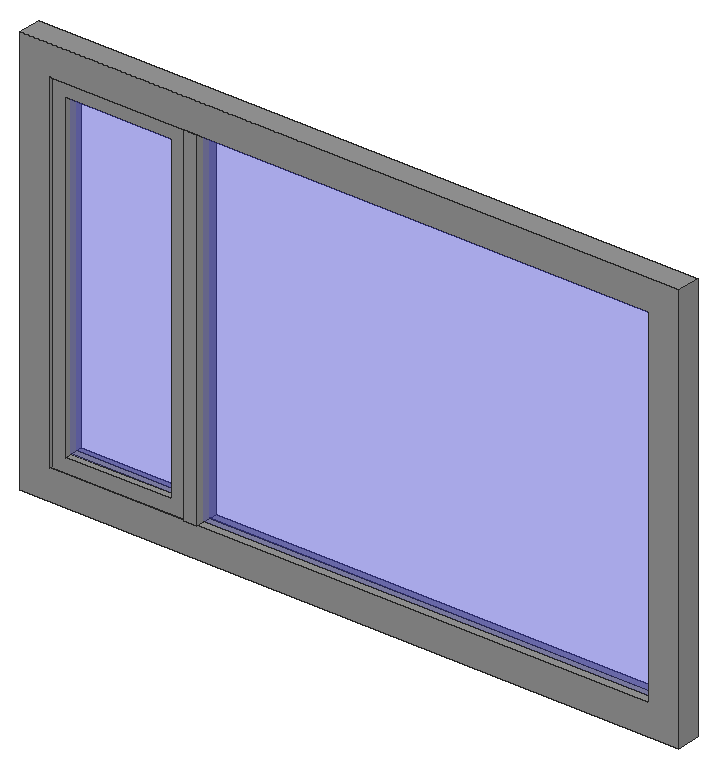
Revit family "Family36", category Windows, host Wall, Revit 2018
Family settings
  Host = Wall
  OmniClass Number = 23.30.20.00
  OmniClass Title = Windows
  Always vertical = Yes
  Cut with Voids When Loaded = No
  Shared = No
  Room Calculation Point = No
Parameters
  Window Frame = White
  Visual Light Transmittance = 0.81
  URL = "www.skywardwindows.co.za"
  Thermal Resistance (R) = 0.3196 (m²·K)/W
  Telephone = "021 276 1800"
  Solar Heat Gain Coefficient = 0.76
  Manufacturer = "Skyward Windows"
  Height = 1490 mm
  Heat Transfer Coefficient (U) = 3.1292 W/(m²·K)
  Glass Thickness = 4 mm
  Glass = Glass
  Frame Width = 46.195 mm
  Email Address = "info@skywardwindows.co.za"
  Default Sill Height = 800 mm
  Wall Closure = By host
  Width = 2390 mm
  Company Address = "Charles Matthews Street Atlantis 7349"
  Analytic Construction = "Double glazing - domestic"
Reference planes
  plane 1 "Center (Front/Back)": y = 0
  plane 2 "Center (Left/Right)": x = 0
  plane 3 "Left": x = -1195
  plane 4 "Right": x = 1195
  plane 5 "Sill": z = 800
  plane 6 "Head": z = 2290
  plane 7 "Exterior": y = 100
  plane 8 "Interior": y = -100
Forms (mm)
  Extrusion 1, solid, material "White" <- "Window Frame"
    sketch origin (0, -100, 0) x (1, 0, 0) y (0, 0, 1)
      loop
        line (-1195, 2290) -> (-1195, 800) -> (1195, 800) -> (1195, 2290) -> (-1195, 2290)
      loop
        line (-1086, 909) -> (1086, 909) -> (1086, 2181) -> (-1086, 2181) -> (-1086, 909)
    from -142 to -58
  Extrusion 2, solid, material "White" <- "Window Frame"
    sketch origin (-1686, -100, 0) x (1, 0, 0) y (0, 0, 1)
      loop
        line (600, 2181) -> (600, 909) -> (1086, 909) -> (1086, 2181) -> (600, 2181)
      loop
        line (650, 2131) -> (650, 959) -> (1036, 959) -> (1036, 2131) -> (650, 2131)
    from -134.904 to -64.489
  Extrusion 3, solid, material "White" <- "Window Frame"
    sketch origin (-853.805, -100, 0) x (1, 0, 0) y (0, 0, 1)
      loop
        line (300, 2181) -> (253.805, 2181) -> (253.805, 909) -> (300, 909) -> (300, 2181)
    from -142 to -58
  Extrusion 4, solid, material "Glass" <- "Glass"
    sketch origin (532.195, 0, 0) x (1, 0, 0) y (0, 1, 0)
      loop
        line (-1086, 14) -> (-1086, 10) -> (553.805, 10) -> (553.805, 14) -> (-1086, 14)
      loop
        line (553.805, -14) -> (553.805, -10) -> (-1086, -10) -> (-1086, -14) -> (553.805, -14)
    from 909 to 2181
  Extrusion 5, solid, material "Glass" <- "Glass"
    sketch origin (-1686, 0, 0) x (1, 0, 0) y (0, 1, 0)
      loop
        line (650, 14) -> (650, 10) -> (1036, 10) -> (1036, 14) -> (650, 14)
      loop
        line (1036, -14) -> (1036, -10) -> (650, -10) -> (650, -14) -> (1036, -14)
    from 959 to 2131
Lines and regions (mm)
  Opening 1
    outline origin (3500, -100, 0) x (1, 0, 0) y (0, 0, 1)
      loop
        line (-2305, 800) -> (-2305, 2290) -> (-4695, 2290) -> (-4695, 800) -> (-2305, 800)
Text (mm)
  text "EXTERIOR" at (-1963.203, 1332.353, 0), in view "Ref. Level"
  text "INTERIOR" at (-1981.466, -818.386, 0), in view "Ref. Level"
  text "Exterior" at (0, 923.751, 2943.296), in view "Right"
  text "Exterior" at (0, 1040.484, 2685.409), in view "Left"
Dimensions and locks
  equal spacing: plane 3 "Left", plane 2 "Center (Left/Right)", plane 4 "Right"
  "Width": plane 3 "Left" to plane 4 "Right"
  "Height": plane 5 "Sill" to plane 6 "Head"
  "Default Sill Height": plane 5 "Sill" to level
  locked: plane 7 "Exterior" to host wall at 0
  locked: plane 8 "Interior" to host wall
  "Glass Thickness": Extrusion 4 to Extrusion 4
  "Glass Thickness": Extrusion 5 to Extrusion 5
  aligned and locked: Extrusion 1 sketch curve to host wall  (x4)
Automatic sketch dimensions
  Opening 1 sketch curve to plane 3 "Left" = 0 mm
  Opening 1 sketch curve to plane 4 "Right" = 0 mm
  Opening 1 sketch curve to plane 5 "Sill" = 0 mm
  Opening 1 sketch curve to plane 6 "Head" = 0 mm
  Extrusion 1 sketch curve to plane 3 "Left" = 109 mm
  plane 4 "Right" to Extrusion 1 sketch curve = 109 mm
  Extrusion 1 sketch curve to plane 5 "Sill" = 109 mm
  plane 6 "Head" to Extrusion 1 sketch curve = 109 mm
  Extrusion 2 sketch curve to plane 5 "Sill" = 109 mm
  plane 2 "Center (Left/Right)" to Extrusion 2 sketch curve = 1086 mm
  Extrusion 2 sketch curve to Extrusion 2 sketch curve = 50 mm  (x4)
  plane 4 "Right" to Extrusion 2 sketch curve = 1845 mm
  plane 6 "Head" to Extrusion 2 sketch curve = 159 mm
  Extrusion 3 sketch curve to Extrusion 3 sketch curve = 46.195 mm
  Extrusion 3 sketch curve to plane 5 "Sill" = 109 mm
  plane 6 "Head" to Extrusion 3 sketch curve = 109 mm
  plane 2 "Center (Left/Right)" to Extrusion 3 sketch curve = 600 mm
  Extrusion 4 sketch curve to host wall = 14 mm
  Extrusion 4 sketch curve to plane 3 "Left" = 641.195 mm
  Extrusion 4 sketch curve to Extrusion 4 sketch curve = 0 mm  (x2)
  Extrusion 4 sketch curve to plane 2 "Center (Left/Right)" = 1086 mm
  host wall to Extrusion 4 sketch curve = 10 mm
  Extrusion 4 sketch curve to Extrusion 4 sketch curve = 4 mm  (x2)
  Extrusion 5 sketch curve to host wall = 14 mm
  plane 2 "Center (Left/Right)" to Extrusion 5 sketch curve = 1036 mm
  Extrusion 5 sketch curve to Extrusion 5 sketch curve = 0 mm  (x2)
  plane 4 "Right" to Extrusion 5 sketch curve = 1845 mm
  host wall to Extrusion 5 sketch curve = 10 mm
  Extrusion 5 sketch curve to Extrusion 5 sketch curve = 4 mm  (x2)
